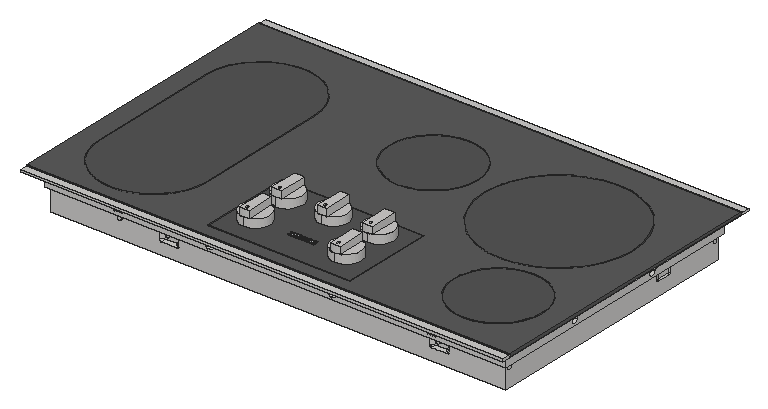
Revit family "P200921MX-009c_MEC8836HS", category Specialty Equipment, Revit 2026
Family settings
  Round Connector Dimension = Use Diameter
  Part Type = Normal
  Work Plane-Based = No
  Enable Cutting in Views = No
  Always vertical = Yes
  Cut with Voids When Loaded = No
  Maintain Annotation Orientation = No
  Shared = No
  Room Calculation Point = No
Parameters (values of type "MEC8836HS")
  Width = 36 1/16"
  Voltage = 0 V
  URL = ""
  Model = "MEC8836HS"
  Manufacturer = "Maytag"
  Knob Material = ARCAT - Metal - Steel - Stainless
  Installation-Fabrication = "https://www.whirlpool.com/content/dam/global/documents/201909/installation-instructions-w11206696-revd.pdf\r\nhttps://www.whirlpool.com/content/dam/global/documents/201909/installation-instructions-w11206696-revd.pdf"
  Height = 5 1/4"
  Feature 3 = "12/9-inch Dual-Choice™ Element\r\nÉlément Dual-Choice™ de 12/9 po"
  Feature 2 = "Reversible Grill and Griddle\r\nGril et plaque chauffante réversibles"
  Feature 1 = "Maytag® Exclusive Electric Cooktop with Reversible Grill and Griddle\r\nTable de cuisson électrique Maytag® exclusive avec gril et plaque chauffante réversible"
  Family Name = "Cooking"
  Energy Guide = ""
  Drawn By = ""
  Dimension Guide = ""
  Description = "36-Inch Electric Cooktop with Reversible Grill and Griddle\r\nTable de cuisson électrique avec grille et plaque chauffante réversibles, 36 po"
  Depth = 22 7/8"
  Default Elevation = 0"
  Copyright = ""
  Cooktop Material = ARCAT - Glass - Tempered - Black
  Cooking Grate Material = ARCAT - Metal - Cast Iron 1/4" Plate
  Body Material = ARCAT - Metal - Steel - Stainless
  Amps = 0 A
  Accent Material = ARCAT - Metal - Cast Iron 1/4" Plate
Reference planes (in)
  plane 1 "Center (Front/Back)": y = 0
  plane 2: z = 0
  plane 3 "Center (Left/Right)": x = 0
  plane 4: z = 5.25
  plane 5: y = -22.875
  plane 6: x = 18.03125
  plane 7: x = -18.03125
Forms (in)
  Extrusion 1, solid, material "ARCAT - Metal - Cast Iron 1/4" Plate" <- "Cooking Grate Material"
    sketch origin (-7, -180.90395, 3.69672) x (-1, 0, 0) y (0, -1, 0)
      loop
        line (11.03125, -180.27895) -> (11.03125, -158.65395) -> (-25.03125, -158.65395) -> (-25.03125, -180.27895) -> (11.03125, -180.27895)
      loop
        line (-12.29483, -159.60928) -> (-12.29483, -166.52087) -> (-1.70517, -166.52087) -> (-1.70517, -159.60928) -> (-12.29483, -159.60928)
      loop
        circle (-17.39741, -172.75602) r 5.55
      loop
        circle (-20.15905, -163.63712) r 3.3
      loop
        circle (-7.32386, -173.63102) r 3.3
      loop
        arc (1.58044, -173.63102) -> (5.58044, -177.63102) -> (9.58044, -173.63102) r 4
        line (9.58044, -173.63102) -> (9.58044, -163.62685)
        arc (9.58044, -163.62685) -> (5.58044, -159.62685) -> (1.58044, -163.62685) r 4
        line (1.58044, -163.62685) -> (1.58044, -173.63102)
    from 0.08673 to 0.25
  Extrusion 2, solid, material "ARCAT - Glass - Tempered - Black" <- "Cooktop Material"
    sketch origin (-1.75, -180.90395, 3.69672) x (-1, 0, 0) y (0, -1, 0)
      loop
        line (3.54483, -166.52087) -> (3.54483, -159.60928) -> (-7.04483, -159.60928) -> (-7.04483, -166.52087) -> (3.54483, -166.52087)
    from 0.08673 to 0.25
  Extrusion 3, solid, material "ARCAT - Metal - Steel - Stainless" <- "Body Material"
    sketch origin (-7, -180.90395, 2.49788) x (-1, 0, 0) y (0, -1, 0)
      loop
        line (10.21875, -179.6227) -> (10.21875, -159.3102) -> (-24.21875, -159.3102) -> (-24.21875, -179.6227) -> (10.21875, -179.6227)
    from -0.02779 to 1.22307
  Extrusion 4, solid, material "ARCAT - Metal - Steel - Stainless" <- "Body Material"
    sketch origin (-7, -180.90395, 1.27913) x (-1, 0, 0) y (0, -1, 0)
      loop
        line (-23.96875, -179.3727) -> (9.96875, -179.3727) -> (9.96875, -159.5602) -> (-23.96875, -159.5602) -> (-23.96875, -179.3727)
    from -0.50289 to 1.19096
  Extrusion 5, solid, material "ARCAT - Metal - Steel - Stainless" <- "Body Material"
    sketch origin (16.96875, -2.0602, 1.27913) x (0, -1, 0) y (0, 0, -1)
      loop
        circle (18.96728, -0.88996) r 0.125
    from 0 to 0.03125
  Blend 6, void
    base sketch origin (-18.78906, -24.77012, 47.15413) x (0, -1, 0) y (0, 0, -1)
      loop
        line (-16.91725, 44.68404) -> (-16.91725, 45.12779)
        arc (-16.91725, 45.12779) -> (-16.9319, 45.16314) -> (-16.96725, 45.17779) r 0.05
        line (-16.96725, 45.17779) -> (-18.35163, 45.17779)
        arc (-18.35163, 45.17779) -> (-18.38698, 45.16314) -> (-18.40163, 45.12779) r 0.05
        line (-18.40163, 45.12779) -> (-18.40163, 44.68404) -> (-16.91725, 44.68404)
    top sketch origin (-18.78906, -24.77012, 47.15413) x (0, -1, 0) y (0, 0, -1)
      loop
        line (-16.69069, 44.68404) -> (-16.69069, 45.22154)
        arc (-16.69069, 45.22154) -> (-16.73508, 45.32871) -> (-16.84225, 45.3731) r 0.15156
        line (-16.84225, 45.3731) -> (-18.49225, 45.3731)
        arc (-18.49225, 45.3731) -> (-18.59942, 45.32871) -> (-18.64382, 45.22154) r 0.15156
        line (-18.64382, 45.22154) -> (-18.64382, 44.68404) -> (-16.69069, 44.68404)
    from 1.91549 to 1.78125
  Extrusion 7, solid, material "ARCAT - Metal - Steel - Stainless" <- "Body Material"
    sketch origin (16.96875, -20.8727, 1.27913) x (0, 1, 0) y (0, 0, 1)
      loop
        circle (19.02518, 0.88996) r 0.125
    from 0 to 0.03125
  Blend 8, void
    base sketch origin (18.78906, -23.95762, 47.15413) x (0, -1, 0) y (0, 0, 1)
      loop
        line (-16.91725, -44.68404) -> (-17.90163, -44.68404) -> (-17.90163, -45.22779)
        arc (-17.90163, -45.22779) -> (-17.88698, -45.26314) -> (-17.85163, -45.27779) r 0.05
        line (-17.85163, -45.27779) -> (-16.96725, -45.27779)
        arc (-16.96725, -45.27779) -> (-16.9319, -45.26314) -> (-16.91725, -45.22779) r 0.05
        line (-16.91725, -45.22779) -> (-16.91725, -44.68404)
    top sketch origin (18.78906, -23.95762, 47.15413) x (0, -1, 0) y (0, 0, 1)
      loop
        line (-16.69069, -44.68404) -> (-18.14382, -44.68404) -> (-18.14382, -45.32154)
        arc (-18.14382, -45.32154) -> (-18.09942, -45.42871) -> (-17.99225, -45.4731) r 0.15156
        line (-17.99225, -45.4731) -> (-16.84225, -45.4731)
        arc (-16.84225, -45.4731) -> (-16.73508, -45.42871) -> (-16.69069, -45.32154) r 0.15156
        line (-16.69069, -45.32154) -> (-16.69069, -44.68404)
    from 1.91549 to 1.78125
  Extrusion 9, solid, material "ARCAT - Glass - Tempered - Black" <- "Cooktop Material"
    sketch origin (-7, -180.90395, 3.69672) x (-1, 0, 0) y (0, -1, 0)
      loop
        line (-12.29483, -159.60928) -> (-12.29483, -166.52087) -> (-1.70517, -166.52087) -> (-1.70517, -159.60928) -> (-12.29483, -159.60928)
      loop
        circle (-17.39741, -172.75602) r 5.55
      loop
        circle (-20.15905, -163.63712) r 3.3
      loop
        circle (-7.32386, -173.63102) r 3.3
      loop
        arc (9.58044, -163.62685) -> (5.58044, -159.62685) -> (1.58044, -163.62685) r 4
        line (1.58044, -163.62685) -> (1.58044, -173.63102)
        arc (1.58044, -173.63102) -> (5.58044, -177.63102) -> (9.58044, -173.63102) r 4
        line (9.58044, -173.63102) -> (9.58044, -163.62685)
    from 0.08673 to 0.25
  Extrusion 10, solid, material "ARCAT - Metal - Steel - Stainless" <- "Body Material"
    sketch origin (-18.15625, -22.3893, 47.50922) x (0, -1, 0) y (0, 0, -1)
      loop
        line (-0.1393, 43.5625) -> (-0.10805, 43.5625) -> (-0.10805, 43.625) -> (0.4857, 43.64573) -> (0.4857, 43.78827) -> (-22.3893, 43.78827) -> (-22.3893, 43.64573) -> (-21.79555, 43.625) -> (-21.79555, 43.5625) -> (-21.7643, 43.5625) -> (-21.7643, 43.72577) -> (-0.1393, 43.72577) -> (-0.1393, 43.5625)
    from 0.125 to 36.1875
  Extrusion 11, solid, material "ARCAT - Metal - Steel - Stainless" <- "Body Material"
    sketch origin (-7, -180.90395, 3.94672) x (-1, 0, 0) y (0, -1, 0)
      loop
        line (4.93752, -177.58468) -> (7.43752, -175.08468) -> (7.43752, -163.83468) -> (4.93752, -161.33468) -> (-18.93752, -161.33468) -> (-21.31248, -163.70964) -> (-21.31248, -174.81463)
        arc (-21.31248, -174.81463) -> (-21.26384, -174.93205) -> (-21.14643, -174.98068) r 0.16605
        line (-21.14643, -174.98068) -> (-17.79499, -174.98068) -> (-17.79499, -177.42019)
        arc (-17.79499, -177.42019) -> (-17.74681, -177.5365) -> (-17.6305, -177.58468) r 0.16449
        line (-17.6305, -177.58468) -> (-10.18752, -177.58468)
        arc (-10.18752, -177.58468) -> (-9.83397, -177.43823) -> (-9.68752, -177.08468) r 0.5
        line (-9.68752, -177.08468) -> (-9.68752, -174.98068) -> (-4.31248, -174.98068) -> (-4.31248, -176.83468)
        arc (-4.31248, -176.83468) -> (-4.09281, -177.36501) -> (-3.56248, -177.58468) r 0.75
        line (-3.56248, -177.58468) -> (4.93752, -177.58468)
      loop
        line (4.51185, -177.11558) -> (4.51185, -176.70987) -> (3.26185, -176.70987) -> (3.26185, -177.11558) -> (4.51185, -177.11558)
      loop
        line (2.69935, -177.11558) -> (2.69935, -176.70987) -> (1.44935, -176.70987) -> (1.44935, -177.11558) -> (2.69935, -177.11558)
      loop
        line (0.88685, -177.11558) -> (0.88685, -176.70987) -> (-0.36315, -176.70987) -> (-0.36315, -177.11558) -> (0.88685, -177.11558)
      loop
        line (-0.80065, -177.11558) -> (-0.80065, -176.70987) -> (-2.05065, -176.70987) -> (-2.05065, -177.11558) -> (-0.80065, -177.11558)
      loop
        line (-2.61315, -177.11558) -> (-2.61315, -176.70987) -> (-3.86315, -176.70987) -> (-3.86315, -177.11558) -> (-2.61315, -177.11558)
      loop
        line (3.80307, -176.31772) -> (3.80307, -175.912) -> (2.55307, -175.912) -> (2.55307, -176.31772) -> (3.80307, -176.31772)
      loop
        line (1.99057, -176.31772) -> (1.99057, -175.912) -> (0.74057, -175.912) -> (0.74057, -176.31772) -> (1.99057, -176.31772)
      loop
        line (0.30307, -176.31772) -> (0.30307, -175.912) -> (-0.94693, -175.912) -> (-0.94693, -176.31772) -> (0.30307, -176.31772)
      loop
        line (-1.50943, -176.31772) -> (-1.50943, -175.912) -> (-2.75943, -175.912) -> (-2.75943, -176.31772) -> (-1.50943, -176.31772)
      loop
        line (3.01946, -175.49251) -> (3.01946, -175.08679) -> (1.76946, -175.08679) -> (1.76946, -175.49251) -> (3.01946, -175.49251)
      loop
        line (1.20696, -175.49251) -> (1.20696, -175.08679) -> (-0.04304, -175.08679) -> (-0.04304, -175.49251) -> (1.20696, -175.49251)
      loop
        line (-0.48054, -175.49251) -> (-0.48054, -175.08679) -> (-1.73054, -175.08679) -> (-1.73054, -175.49251) -> (-0.48054, -175.49251)
      loop
        line (-2.29304, -175.49251) -> (-2.29304, -175.08679) -> (-3.54304, -175.08679) -> (-3.54304, -175.49251) -> (-2.29304, -175.49251)
      loop
        line (3.80307, -174.72536) -> (3.80307, -174.31964) -> (2.55307, -174.31964) -> (2.55307, -174.72536) -> (3.80307, -174.72536)
      loop
        line (1.99057, -174.72536) -> (1.99057, -174.31964) -> (0.74057, -174.31964) -> (0.74057, -174.72536) -> (1.99057, -174.72536)
      loop
        line (0.30307, -174.72536) -> (0.30307, -174.31964) -> (-0.94693, -174.31964) -> (-0.94693, -174.72536) -> (0.30307, -174.72536)
      loop
        line (-1.50943, -174.72536) -> (-1.50943, -174.31964) -> (-2.75943, -174.31964) -> (-2.75943, -174.72536) -> (-1.50943, -174.72536)
      loop
        line (6.67011, -173.21784) -> (6.67011, -172.81212) -> (5.42011, -172.81212) -> (5.42011, -173.21784) -> (6.67011, -173.21784)
      loop
        line (5.63685, -172.43458) -> (5.63685, -172.02886) -> (4.38685, -172.02886) -> (4.38685, -172.43458) -> (5.63685, -172.43458)
      loop
        line (6.67011, -171.65534) -> (6.67011, -171.24962) -> (5.42011, -171.24962) -> (5.42011, -171.65534) -> (6.67011, -171.65534)
      loop
        line (5.63685, -170.87208) -> (5.63685, -170.46636) -> (4.38685, -170.46636) -> (4.38685, -170.87208) -> (5.63685, -170.87208)
      loop
        line (6.67011, -170.09284) -> (6.67011, -169.68712) -> (5.42011, -169.68712) -> (5.42011, -170.09284) -> (6.67011, -170.09284)
      loop
        line (5.63685, -169.15514) -> (5.63685, -168.74942) -> (4.38685, -168.74942) -> (4.38685, -169.15514) -> (5.63685, -169.15514)
      loop
        line (6.67011, -168.3759) -> (6.67011, -167.97018) -> (5.42011, -167.97018) -> (5.42011, -168.3759) -> (6.67011, -168.3759)
      loop
        line (5.63685, -167.59264) -> (5.63685, -167.18692) -> (4.38685, -167.18692) -> (4.38685, -167.59264) -> (5.63685, -167.59264)
      loop
        line (6.67011, -166.8134) -> (6.67011, -166.40768) -> (5.42011, -166.40768) -> (5.42011, -166.8134) -> (6.67011, -166.8134)
      loop
        line (-10.02528, -177.11558) -> (-10.02528, -176.70987) -> (-11.27528, -176.70987) -> (-11.27528, -177.11558) -> (-10.02528, -177.11558)
      loop
        line (-11.65028, -177.11558) -> (-11.65028, -176.70987) -> (-12.90028, -176.70987) -> (-12.90028, -177.11558) -> (-11.65028, -177.11558)
      loop
        line (-13.21278, -177.11558) -> (-13.21278, -176.70987) -> (-14.46278, -176.70987) -> (-14.46278, -177.11558) -> (-13.21278, -177.11558)
      loop
        line (-14.77528, -177.11558) -> (-14.77528, -176.70987) -> (-16.02528, -176.70987) -> (-16.02528, -177.11558) -> (-14.77528, -177.11558)
      loop
        line (-16.33778, -177.11558) -> (-16.33778, -176.70987) -> (-17.58778, -176.70987) -> (-17.58778, -177.11558) -> (-16.33778, -177.11558)
      loop
        line (-10.96058, -176.36558) -> (-10.96058, -175.95987) -> (-12.21058, -175.95987) -> (-12.21058, -176.36558) -> (-10.96058, -176.36558)
      loop
        line (-12.58558, -176.36558) -> (-12.58558, -175.95987) -> (-13.83558, -175.95987) -> (-13.83558, -176.36558) -> (-12.58558, -176.36558)
      loop
        line (-14.14808, -176.36558) -> (-14.14808, -175.95987) -> (-15.39808, -175.95987) -> (-15.39808, -176.36558) -> (-14.14808, -176.36558)
      loop
        line (-15.71058, -176.36558) -> (-15.71058, -175.95987) -> (-16.96058, -175.95987) -> (-16.96058, -176.36558) -> (-15.71058, -176.36558)
      loop
        line (-10.02528, -175.61558) -> (-10.02528, -175.20987) -> (-11.27528, -175.20987) -> (-11.27528, -175.61558) -> (-10.02528, -175.61558)
      loop
        line (-11.65028, -175.61558) -> (-11.65028, -175.20987) -> (-12.90028, -175.20987) -> (-12.90028, -175.61558) -> (-11.65028, -175.61558)
      loop
        line (-13.21278, -175.61558) -> (-13.21278, -175.20987) -> (-14.46278, -175.20987) -> (-14.46278, -175.61558) -> (-13.21278, -175.61558)
      loop
        line (-14.77528, -175.61558) -> (-14.77528, -175.20987) -> (-16.02528, -175.20987) -> (-16.02528, -175.61558) -> (-14.77528, -175.61558)
      loop
        line (-16.33778, -175.61558) -> (-16.33778, -175.20987) -> (-17.58778, -175.20987) -> (-17.58778, -175.61558) -> (-16.33778, -175.61558)
      loop
        line (-10.96058, -174.86558) -> (-10.96058, -174.45987) -> (-12.21058, -174.45987) -> (-12.21058, -174.86558) -> (-10.96058, -174.86558)
      loop
        line (-12.58558, -174.86558) -> (-12.58558, -174.45987) -> (-13.83558, -174.45987) -> (-13.83558, -174.86558) -> (-12.58558, -174.86558)
      loop
        line (-14.14808, -174.86558) -> (-14.14808, -174.45987) -> (-15.39808, -174.45987) -> (-15.39808, -174.86558) -> (-14.14808, -174.86558)
      loop
        line (-15.71058, -174.86558) -> (-15.71058, -174.45987) -> (-16.96058, -174.45987) -> (-16.96058, -174.86558) -> (-15.71058, -174.86558)
      loop
        line (-10.02528, -174.11558) -> (-10.02528, -173.70987) -> (-11.27528, -173.70987) -> (-11.27528, -174.11558) -> (-10.02528, -174.11558)
      loop
        line (-11.65028, -174.11558) -> (-11.65028, -173.70987) -> (-12.90028, -173.70987) -> (-12.90028, -174.11558) -> (-11.65028, -174.11558)
      loop
        line (-13.21278, -174.11558) -> (-13.21278, -173.70987) -> (-14.46278, -173.70987) -> (-14.46278, -174.11558) -> (-13.21278, -174.11558)
      loop
        line (-14.77528, -174.11558) -> (-14.77528, -173.70987) -> (-16.02528, -173.70987) -> (-16.02528, -174.11558) -> (-14.77528, -174.11558)
      loop
        line (-16.33778, -174.11558) -> (-16.33778, -173.70987) -> (-17.58778, -173.70987) -> (-17.58778, -174.11558) -> (-16.33778, -174.11558)
      loop
        line (-8.40028, -174.11558) -> (-8.40028, -173.70987) -> (-9.65028, -173.70987) -> (-9.65028, -174.11558) -> (-8.40028, -174.11558)
      loop
        line (-6.77528, -174.11558) -> (-6.77528, -173.70987) -> (-8.02528, -173.70987) -> (-8.02528, -174.11558) -> (-6.77528, -174.11558)
      loop
        line (-5.15028, -174.11558) -> (-5.15028, -173.70987) -> (-6.40028, -173.70987) -> (-6.40028, -174.11558) -> (-5.15028, -174.11558)
      loop
        line (-17.90028, -174.11558) -> (-17.90028, -173.70987) -> (-19.15028, -173.70987) -> (-19.15028, -174.11558) -> (-17.90028, -174.11558)
      loop
        line (-9.15028, -173.36558) -> (-9.15028, -172.95987) -> (-10.40028, -172.95987) -> (-10.40028, -173.36558) -> (-9.15028, -173.36558)
      loop
        line (-10.77528, -173.36558) -> (-10.77528, -172.95987) -> (-12.02528, -172.95987) -> (-12.02528, -173.36558) -> (-10.77528, -173.36558)
      loop
        line (-12.33778, -173.36558) -> (-12.33778, -172.95987) -> (-13.58778, -172.95987) -> (-13.58778, -173.36558) -> (-12.33778, -173.36558)
      loop
        line (-13.90028, -173.36558) -> (-13.90028, -172.95987) -> (-15.15028, -172.95987) -> (-15.15028, -173.36558) -> (-13.90028, -173.36558)
      loop
        line (-15.46278, -173.36558) -> (-15.46278, -172.95987) -> (-16.71278, -172.95987) -> (-16.71278, -173.36558) -> (-15.46278, -173.36558)
      loop
        line (-7.52528, -173.36558) -> (-7.52528, -172.95987) -> (-8.77528, -172.95987) -> (-8.77528, -173.36558) -> (-7.52528, -173.36558)
      loop
        line (-5.90028, -173.36558) -> (-5.90028, -172.95987) -> (-7.15028, -172.95987) -> (-7.15028, -173.36558) -> (-5.90028, -173.36558)
      loop
        line (-4.27528, -173.36558) -> (-4.27528, -172.95987) -> (-5.52528, -172.95987) -> (-5.52528, -173.36558) -> (-4.27528, -173.36558)
      loop
        line (-17.02528, -173.36558) -> (-17.02528, -172.95987) -> (-18.27528, -172.95987) -> (-18.27528, -173.36558) -> (-17.02528, -173.36558)
      loop
        line (-18.58778, -173.36558) -> (-18.58778, -172.95987) -> (-19.83778, -172.95987) -> (-19.83778, -173.36558) -> (-18.58778, -173.36558)
      loop
        line (-10.02528, -172.61558) -> (-10.02528, -172.20987) -> (-11.27528, -172.20987) -> (-11.27528, -172.61558) -> (-10.02528, -172.61558)
      loop
        line (-11.65028, -172.61558) -> (-11.65028, -172.20987) -> (-12.90028, -172.20987) -> (-12.90028, -172.61558) -> (-11.65028, -172.61558)
      loop
        line (-13.21278, -172.61558) -> (-13.21278, -172.20987) -> (-14.46278, -172.20987) -> (-14.46278, -172.61558) -> (-13.21278, -172.61558)
      loop
        line (-14.77528, -172.61558) -> (-14.77528, -172.20987) -> (-16.02528, -172.20987) -> (-16.02528, -172.61558) -> (-14.77528, -172.61558)
      loop
        line (-16.33778, -172.61558) -> (-16.33778, -172.20987) -> (-17.58778, -172.20987) -> (-17.58778, -172.61558) -> (-16.33778, -172.61558)
      loop
        line (-8.40028, -172.61558) -> (-8.40028, -172.20987) -> (-9.65028, -172.20987) -> (-9.65028, -172.61558) -> (-8.40028, -172.61558)
      loop
        line (-6.77528, -172.61558) -> (-6.77528, -172.20987) -> (-8.02528, -172.20987) -> (-8.02528, -172.61558) -> (-6.77528, -172.61558)
      loop
        line (-5.15028, -172.61558) -> (-5.15028, -172.20987) -> (-6.40028, -172.20987) -> (-6.40028, -172.61558) -> (-5.15028, -172.61558)
      loop
        line (-17.90028, -172.61558) -> (-17.90028, -172.20987) -> (-19.15028, -172.20987) -> (-19.15028, -172.61558) -> (-17.90028, -172.61558)
      loop
        line (-19.46278, -172.61558) -> (-19.46278, -172.20987) -> (-20.71278, -172.20987) -> (-20.71278, -172.61558) -> (-19.46278, -172.61558)
      loop
        line (-10.02528, -171.86558) -> (-10.02528, -171.45987) -> (-11.27528, -171.45987) -> (-11.27528, -171.86558) -> (-10.02528, -171.86558)
      loop
        line (-11.65028, -171.86558) -> (-11.65028, -171.45987) -> (-12.90028, -171.45987) -> (-12.90028, -171.86558) -> (-11.65028, -171.86558)
      loop
        line (-13.21278, -171.86558) -> (-13.21278, -171.45987) -> (-14.46278, -171.45987) -> (-14.46278, -171.86558) -> (-13.21278, -171.86558)
      loop
        line (-14.77528, -171.86558) -> (-14.77528, -171.45987) -> (-16.02528, -171.45987) -> (-16.02528, -171.86558) -> (-14.77528, -171.86558)
      loop
        line (-16.33778, -171.86558) -> (-16.33778, -171.45987) -> (-17.58778, -171.45987) -> (-17.58778, -171.86558) -> (-16.33778, -171.86558)
      loop
        line (-8.40028, -171.86558) -> (-8.40028, -171.45987) -> (-9.65028, -171.45987) -> (-9.65028, -171.86558) -> (-8.40028, -171.86558)
      loop
        line (-6.77528, -171.86558) -> (-6.77528, -171.45987) -> (-8.02528, -171.45987) -> (-8.02528, -171.86558) -> (-6.77528, -171.86558)
      loop
        line (-5.15028, -171.86558) -> (-5.15028, -171.45987) -> (-6.40028, -171.45987) -> (-6.40028, -171.86558) -> (-5.15028, -171.86558)
      loop
        line (-17.90028, -171.86558) -> (-17.90028, -171.45987) -> (-19.15028, -171.45987) -> (-19.15028, -171.86558) -> (-17.90028, -171.86558)
      loop
        line (-9.15028, -171.11558) -> (-9.15028, -170.70987) -> (-10.40028, -170.70987) -> (-10.40028, -171.11558) -> (-9.15028, -171.11558)
      loop
        line (-10.77528, -171.11558) -> (-10.77528, -170.70987) -> (-12.02528, -170.70987) -> (-12.02528, -171.11558) -> (-10.77528, -171.11558)
      loop
        line (-12.33778, -171.11558) -> (-12.33778, -170.70987) -> (-13.58778, -170.70987) -> (-13.58778, -171.11558) -> (-12.33778, -171.11558)
      loop
        line (-13.90028, -171.11558) -> (-13.90028, -170.70987) -> (-15.15028, -170.70987) -> (-15.15028, -171.11558) -> (-13.90028, -171.11558)
      loop
        line (-7.52528, -171.11558) -> (-7.52528, -170.70987) -> (-8.77528, -170.70987) -> (-8.77528, -171.11558) -> (-7.52528, -171.11558)
      loop
        line (-5.90028, -171.11558) -> (-5.90028, -170.70987) -> (-7.15028, -170.70987) -> (-7.15028, -171.11558) -> (-5.90028, -171.11558)
      loop
        line (-4.27528, -171.11558) -> (-4.27528, -170.70987) -> (-5.52528, -170.70987) -> (-5.52528, -171.11558) -> (-4.27528, -171.11558)
      loop
        line (-10.02528, -170.36558) -> (-10.02528, -169.95987) -> (-11.27528, -169.95987) -> (-11.27528, -170.36558) -> (-10.02528, -170.36558)
      loop
        line (-11.65028, -170.36558) -> (-11.65028, -169.95987) -> (-12.90028, -169.95987) -> (-12.90028, -170.36558) -> (-11.65028, -170.36558)
      loop
        line (-13.21278, -170.36558) -> (-13.21278, -169.95987) -> (-14.46278, -169.95987) -> (-14.46278, -170.36558) -> (-13.21278, -170.36558)
      loop
        line (-8.40028, -170.36558) -> (-8.40028, -169.95987) -> (-9.65028, -169.95987) -> (-9.65028, -170.36558) -> (-8.40028, -170.36558)
      loop
        line (-6.77528, -170.36558) -> (-6.77528, -169.95987) -> (-8.02528, -169.95987) -> (-8.02528, -170.36558) -> (-6.77528, -170.36558)
      loop
        line (-5.15028, -170.36558) -> (-5.15028, -169.95987) -> (-6.40028, -169.95987) -> (-6.40028, -170.36558) -> (-5.15028, -170.36558)
      loop
        line (-10.02528, -169.61558) -> (-10.02528, -169.20987) -> (-11.27528, -169.20987) -> (-11.27528, -169.61558) -> (-10.02528, -169.61558)
      loop
        line (-11.65028, -169.61558) -> (-11.65028, -169.20987) -> (-12.90028, -169.20987) -> (-12.90028, -169.61558) -> (-11.65028, -169.61558)
      loop
        line (-8.40028, -169.61558) -> (-8.40028, -169.20987) -> (-9.65028, -169.20987) -> (-9.65028, -169.61558) -> (-8.40028, -169.61558)
      loop
        line (-5.15028, -169.61558) -> (-5.15028, -169.20987) -> (-6.40028, -169.20987) -> (-6.40028, -169.61558) -> (-5.15028, -169.61558)
      loop
        line (-9.15028, -168.86558) -> (-9.15028, -168.45987) -> (-10.40028, -168.45987) -> (-10.40028, -168.86558) -> (-9.15028, -168.86558)
      loop
        line (-10.77528, -168.86558) -> (-10.77528, -168.45987) -> (-12.02528, -168.45987) -> (-12.02528, -168.86558) -> (-10.77528, -168.86558)
      loop
        line (-12.33778, -168.86558) -> (-12.33778, -168.45987) -> (-13.58778, -168.45987) -> (-13.58778, -168.86558) -> (-12.33778, -168.86558)
      loop
        line (-5.90028, -168.86558) -> (-5.90028, -168.45987) -> (-7.15028, -168.45987) -> (-7.15028, -168.86558) -> (-5.90028, -168.86558)
      loop
        line (-4.27528, -168.86558) -> (-4.27528, -168.45987) -> (-5.52528, -168.45987) -> (-5.52528, -168.86558) -> (-4.27528, -168.86558)
      loop
        line (-10.02528, -168.11558) -> (-10.02528, -167.70987) -> (-11.27528, -167.70987) -> (-11.27528, -168.11558) -> (-10.02528, -168.11558)
      loop
        line (-11.65028, -168.11558) -> (-11.65028, -167.70987) -> (-12.90028, -167.70987) -> (-12.90028, -168.11558) -> (-11.65028, -168.11558)
      loop
        line (-8.40028, -168.11558) -> (-8.40028, -167.70987) -> (-9.65028, -167.70987) -> (-9.65028, -168.11558) -> (-8.40028, -168.11558)
      loop
        line (-6.77528, -168.11558) -> (-6.77528, -167.70987) -> (-8.02528, -167.70987) -> (-8.02528, -168.11558) -> (-6.77528, -168.11558)
      loop
        line (-5.15028, -168.11558) -> (-5.15028, -167.70987) -> (-6.40028, -167.70987) -> (-6.40028, -168.11558) -> (-5.15028, -168.11558)
      loop
        line (-10.02528, -167.36558) -> (-10.02528, -166.95987) -> (-11.27528, -166.95987) -> (-11.27528, -167.36558) -> (-10.02528, -167.36558)
      loop
        line (-11.65028, -167.36558) -> (-11.65028, -166.95987) -> (-12.90028, -166.95987) -> (-12.90028, -167.36558) -> (-11.65028, -167.36558)
      loop
        line (-13.21278, -167.36558) -> (-13.21278, -166.95987) -> (-14.46278, -166.95987) -> (-14.46278, -167.36558) -> (-13.21278, -167.36558)
      loop
        line (-8.40028, -167.36558) -> (-8.40028, -166.95987) -> (-9.65028, -166.95987) -> (-9.65028, -167.36558) -> (-8.40028, -167.36558)
      loop
        line (-6.77528, -167.36558) -> (-6.77528, -166.95987) -> (-8.02528, -166.95987) -> (-8.02528, -167.36558) -> (-6.77528, -167.36558)
      loop
        line (-5.15028, -167.36558) -> (-5.15028, -166.95987) -> (-6.40028, -166.95987) -> (-6.40028, -167.36558) -> (-5.15028, -167.36558)
      loop
        line (-9.15028, -166.61558) -> (-9.15028, -166.20987) -> (-10.40028, -166.20987) -> (-10.40028, -166.61558) -> (-9.15028, -166.61558)
      loop
        line (-10.77528, -166.61558) -> (-10.77528, -166.20987) -> (-12.02528, -166.20987) -> (-12.02528, -166.61558) -> (-10.77528, -166.61558)
      loop
        line (-12.33778, -166.61558) -> (-12.33778, -166.20987) -> (-13.58778, -166.20987) -> (-13.58778, -166.61558) -> (-12.33778, -166.61558)
      loop
        line (-7.52528, -166.61558) -> (-7.52528, -166.20987) -> (-8.77528, -166.20987) -> (-8.77528, -166.61558) -> (-7.52528, -166.61558)
      loop
        line (-5.90028, -166.61558) -> (-5.90028, -166.20987) -> (-7.15028, -166.20987) -> (-7.15028, -166.61558) -> (-5.90028, -166.61558)
      loop
        line (-4.27528, -166.61558) -> (-4.27528, -166.20987) -> (-5.52528, -166.20987) -> (-5.52528, -166.61558) -> (-4.27528, -166.61558)
      loop
        line (-10.02528, -165.86558) -> (-10.02528, -165.45987) -> (-11.27528, -165.45987) -> (-11.27528, -165.86558) -> (-10.02528, -165.86558)
      loop
        line (-11.65028, -165.86558) -> (-11.65028, -165.45987) -> (-12.90028, -165.45987) -> (-12.90028, -165.86558) -> (-11.65028, -165.86558)
      loop
        line (-13.21278, -165.86558) -> (-13.21278, -165.45987) -> (-14.46278, -165.45987) -> (-14.46278, -165.86558) -> (-13.21278, -165.86558)
      loop
        line (-8.40028, -165.86558) -> (-8.40028, -165.45987) -> (-9.65028, -165.45987) -> (-9.65028, -165.86558) -> (-8.40028, -165.86558)
      loop
        line (-6.77528, -165.86558) -> (-6.77528, -165.45987) -> (-8.02528, -165.45987) -> (-8.02528, -165.86558) -> (-6.77528, -165.86558)
      loop
        line (-5.15028, -165.86558) -> (-5.15028, -165.45987) -> (-6.40028, -165.45987) -> (-6.40028, -165.86558) -> (-5.15028, -165.86558)
      loop
        line (-9.15028, -165.11558) -> (-9.15028, -164.70987) -> (-10.40028, -164.70987) -> (-10.40028, -165.11558) -> (-9.15028, -165.11558)
      loop
        line (-10.77528, -165.11558) -> (-10.77528, -164.70987) -> (-12.02528, -164.70987) -> (-12.02528, -165.11558) -> (-10.77528, -165.11558)
      loop
        line (-12.33778, -165.11558) -> (-12.33778, -164.70987) -> (-13.58778, -164.70987) -> (-13.58778, -165.11558) -> (-12.33778, -165.11558)
      loop
        line (-7.52528, -165.11558) -> (-7.52528, -164.70987) -> (-8.77528, -164.70987) -> (-8.77528, -165.11558) -> (-7.52528, -165.11558)
      loop
        line (-5.90028, -165.11558) -> (-5.90028, -164.70987) -> (-7.15028, -164.70987) -> (-7.15028, -165.11558) -> (-5.90028, -165.11558)
      loop
        line (-4.27528, -165.11558) -> (-4.27528, -164.70987) -> (-5.52528, -164.70987) -> (-5.52528, -165.11558) -> (-4.27528, -165.11558)
      loop
        line (-10.02528, -164.36558) -> (-10.02528, -163.95987) -> (-11.27528, -163.95987) -> (-11.27528, -164.36558) -> (-10.02528, -164.36558)
      loop
        line (-11.65028, -164.36558) -> (-11.65028, -163.95987) -> (-12.90028, -163.95987) -> (-12.90028, -164.36558) -> (-11.65028, -164.36558)
      loop
        line (-13.21278, -164.36558) -> (-13.21278, -163.95987) -> (-14.46278, -163.95987) -> (-14.46278, -164.36558) -> (-13.21278, -164.36558)
      loop
        line (-14.77528, -164.36558) -> (-14.77528, -163.95987) -> (-16.02528, -163.95987) -> (-16.02528, -164.36558) -> (-14.77528, -164.36558)
      loop
        line (-8.40028, -164.36558) -> (-8.40028, -163.95987) -> (-9.65028, -163.95987) -> (-9.65028, -164.36558) -> (-8.40028, -164.36558)
      loop
        line (-6.77528, -164.36558) -> (-6.77528, -163.95987) -> (-8.02528, -163.95987) -> (-8.02528, -164.36558) -> (-6.77528, -164.36558)
      loop
        line (-5.15028, -164.36558) -> (-5.15028, -163.95987) -> (-6.40028, -163.95987) -> (-6.40028, -164.36558) -> (-5.15028, -164.36558)
      loop
        line (-10.02528, -163.61558) -> (-10.02528, -163.20987) -> (-11.27528, -163.20987) -> (-11.27528, -163.61558) -> (-10.02528, -163.61558)
      loop
        line (-11.65028, -163.61558) -> (-11.65028, -163.20987) -> (-12.90028, -163.20987) -> (-12.90028, -163.61558) -> (-11.65028, -163.61558)
      loop
        line (-13.21278, -163.61558) -> (-13.21278, -163.20987) -> (-14.46278, -163.20987) -> (-14.46278, -163.61558) -> (-13.21278, -163.61558)
      loop
        line (-14.77528, -163.61558) -> (-14.77528, -163.20987) -> (-16.02528, -163.20987) -> (-16.02528, -163.61558) -> (-14.77528, -163.61558)
      loop
        line (-16.33778, -163.61558) -> (-16.33778, -163.20987) -> (-17.58778, -163.20987) -> (-17.58778, -163.61558) -> (-16.33778, -163.61558)
      loop
        line (-8.40028, -163.61558) -> (-8.40028, -163.20987) -> (-9.65028, -163.20987) -> (-9.65028, -163.61558) -> (-8.40028, -163.61558)
      loop
        line (-6.77528, -163.61558) -> (-6.77528, -163.20987) -> (-8.02528, -163.20987) -> (-8.02528, -163.61558) -> (-6.77528, -163.61558)
      loop
        line (-5.15028, -163.61558) -> (-5.15028, -163.20987) -> (-6.40028, -163.20987) -> (-6.40028, -163.61558) -> (-5.15028, -163.61558)
      loop
        line (-9.15028, -162.86558) -> (-9.15028, -162.45987) -> (-10.40028, -162.45987) -> (-10.40028, -162.86558) -> (-9.15028, -162.86558)
      loop
        line (-10.77528, -162.86558) -> (-10.77528, -162.45987) -> (-12.02528, -162.45987) -> (-12.02528, -162.86558) -> (-10.77528, -162.86558)
      loop
        line (-12.33778, -162.86558) -> (-12.33778, -162.45987) -> (-13.58778, -162.45987) -> (-13.58778, -162.86558) -> (-12.33778, -162.86558)
      loop
        line (-13.90028, -162.86558) -> (-13.90028, -162.45987) -> (-15.15028, -162.45987) -> (-15.15028, -162.86558) -> (-13.90028, -162.86558)
      loop
        line (-15.46278, -162.86558) -> (-15.46278, -162.45987) -> (-16.71278, -162.45987) -> (-16.71278, -162.86558) -> (-15.46278, -162.86558)
      loop
        line (-7.52528, -162.86558) -> (-7.52528, -162.45987) -> (-8.77528, -162.45987) -> (-8.77528, -162.86558) -> (-7.52528, -162.86558)
      loop
        line (-5.90028, -162.86558) -> (-5.90028, -162.45987) -> (-7.15028, -162.45987) -> (-7.15028, -162.86558) -> (-5.90028, -162.86558)
      loop
        line (-17.02528, -162.86558) -> (-17.02528, -162.45987) -> (-18.27528, -162.45987) -> (-18.27528, -162.86558) -> (-17.02528, -162.86558)
      loop
        line (0.47472, -162.86558) -> (0.47472, -162.45987) -> (-0.77528, -162.45987) -> (-0.77528, -162.86558) -> (0.47472, -162.86558)
      loop
        line (-1.15028, -162.86558) -> (-1.15028, -162.45987) -> (-2.40028, -162.45987) -> (-2.40028, -162.86558) -> (-1.15028, -162.86558)
      loop
        line (-2.71278, -162.86558) -> (-2.71278, -162.45987) -> (-3.96278, -162.45987) -> (-3.96278, -162.86558) -> (-2.71278, -162.86558)
      loop
        line (2.09972, -162.86558) -> (2.09972, -162.45987) -> (0.84972, -162.45987) -> (0.84972, -162.86558) -> (2.09972, -162.86558)
      loop
        line (-4.27528, -162.86558) -> (-4.27528, -162.45987) -> (-5.52528, -162.45987) -> (-5.52528, -162.86558) -> (-4.27528, -162.86558)
      loop
        line (-0.40028, -163.61558) -> (-0.40028, -163.20987) -> (-1.65028, -163.20987) -> (-1.65028, -163.61558) -> (-0.40028, -163.61558)
      loop
        line (-2.02528, -163.61558) -> (-2.02528, -163.20987) -> (-3.27528, -163.20987) -> (-3.27528, -163.61558) -> (-2.02528, -163.61558)
      loop
        line (-3.58778, -163.61558) -> (-3.58778, -163.20987) -> (-4.83778, -163.20987) -> (-4.83778, -163.61558) -> (-3.58778, -163.61558)
      loop
        line (1.22472, -163.61558) -> (1.22472, -163.20987) -> (-0.02528, -163.20987) -> (-0.02528, -163.61558) -> (1.22472, -163.61558)
    from -3.42332 to -3.35267
  Blend 12, void
    base sketch origin (-7, -180.90395, 3.94672) x (0, -1, 0) y (1, 0, 0)
      loop
        circle (-175.04818, -5.39402) r 0.25
    top sketch origin (-7, -180.90395, 3.94672) x (0, -1, 0) y (1, 0, 0)
      loop
        circle (-175.04818, -5.39402) r 0.5
    from -3.07539 to -3.60277
  Blend 13, void
    base sketch origin (7.49192, -181.86046, 3.94672) x (0, 1, 0) y (-1, 0, 0)
      loop
        circle (175.04818, -5.39402) r 0.25
    top sketch origin (7.49192, -181.86046, 3.94672) x (0, 1, 0) y (-1, 0, 0)
      loop
        circle (175.04818, -5.39402) r 0.5
    from -3.07539 to -3.60277
  Blend 14, void
    base sketch origin (-6.39814, -192.38819, 3.94672) x (0, -1, 0) y (1, 0, 0)
      loop
        circle (-175.04818, -5.39402) r 0.25
    top sketch origin (-6.39814, -192.38819, 3.94672) x (0, -1, 0) y (1, 0, 0)
      loop
        circle (-175.04818, -5.39402) r 0.5
    from -3.07539 to -3.60277
  Blend 15, void
    base sketch origin (7.49192, -191.86046, 3.94672) x (0, 1, 0) y (-1, 0, 0)
      loop
        circle (175.04818, -5.39402) r 0.25
    top sketch origin (7.49192, -191.86046, 3.94672) x (0, 1, 0) y (-1, 0, 0)
      loop
        circle (175.04818, -5.39402) r 0.5
    from -3.07539 to -3.60277
  Blend 16, void
    base sketch origin (6.04353, -186.58654, 3.94672) x (0, -1, 0) y (1, 0, 0)
      loop
        circle (-175.04818, -5.39402) r 0.25
    top sketch origin (6.04353, -186.58654, 3.94672) x (0, -1, 0) y (1, 0, 0)
      loop
        circle (-175.04818, -5.39402) r 0.5
    from -3.07539 to -3.60277
  Extrusion 17, solid, material "ARCAT - Metal - Steel - Stainless" <- "Body Material"
    sketch origin (-7, -180.90395, 3.94672) x (-1, 0, 0) y (0, -1, 0)
      loop
        circle (5.39643, -175.04698) r 0.24991
    from -3.24832 to -3.14391
  Extrusion 18, solid, material "ARCAT - Metal - Steel - Stainless" <- "Body Material"
    sketch origin (6.04353, -186.58654, 3.94672) x (-1, 0, 0) y (0, -1, 0)
      loop
        circle (5.39643, -175.04698) r 0.24991
    from -3.24832 to -3.14391
  Extrusion 19, solid, material "ARCAT - Metal - Steel - Stainless" <- "Body Material"
    sketch origin (18.27996, -191.86046, 3.94672) x (-1, 0, 0) y (0, -1, 0)
      loop
        circle (5.39643, -175.04698) r 0.24991
    from -3.24832 to -3.14391
  Extrusion 20, solid, material "ARCAT - Metal - Steel - Stainless" <- "Body Material"
    sketch origin (18.27996, -181.86046, 3.94672) x (-1, 0, 0) y (0, -1, 0)
      loop
        circle (5.39643, -175.04698) r 0.24991
    from -3.24832 to -3.14391
  Extrusion 21, solid, material "ARCAT - Metal - Steel - Stainless" <- "Body Material"
    sketch origin (-6.39814, -192.38819, 3.94672) x (-1, 0, 0) y (0, -1, 0)
      loop
        circle (5.39643, -175.04698) r 0.24991
    from -3.24832 to -3.14391
  Extrusion 22, solid, material "ARCAT - Metal - Steel - Stainless" <- "Body Material"
    sketch origin (-7, -180.90395, 2.47009) x (-1, 0, 0) y (0, -1, 0)
      loop
        line (-5.94665, -176.93712) -> (-7.27451, -177.67316)
        spline (-7.27451, -177.67316) -> (-7.39377, -177.72493) -> (-7.51707, -177.75123) -> (-7.636, -177.75027) -> (-7.74246, -177.72211) -> (-7.82919, -177.66868) -> (-7.89028, -177.59361) -> (-7.92157, -177.50202) -> (-7.92092, -177.40015) -> (-7.88839, -177.29495) -> (-7.82618, -177.19358) -> (-7.73854, -177.10296) -> (-7.63143, -177.02925)
        line (-7.63143, -177.02925) -> (-6.36553, -176.32755) -> (-6.46842, -176.17501)
        arc (-6.46842, -176.17501) -> (-6.55789, -176.15558) -> (-6.5812, -176.24412) r 0.0662
        line (-6.5812, -176.24412) -> (-6.5379, -176.32225) -> (-7.68053, -176.95562)
        spline (-7.68053, -176.95562) -> (-7.80817, -177.04425) -> (-7.91194, -177.15419) -> (-7.98478, -177.27795) -> (-8.02173, -177.4071) -> (-8.02026, -177.53283) -> (-7.98048, -177.64658) -> (-7.9051, -177.74059) -> (-7.79925, -177.80846) -> (-7.67015, -177.84557) -> (-7.52659, -177.84938) -> (-7.37837, -177.81963) -> (-7.23557, -177.75835)
        line (-7.23557, -177.75835) -> (-6.01608, -177.08238) -> (-5.9822, -177.13262)
        arc (-5.9822, -177.13262) -> (-5.88475, -177.15134) -> (-5.86645, -177.05381) r 0.07002
        line (-5.86645, -177.05381) -> (-5.94665, -176.93712)
    from -2.06824 to -1.69386
  Extrusion 23, solid, material "ARCAT - Metal - Steel - Stainless" <- "Body Material"
    sketch origin (-7, -180.90395, 2.47009) x (-1, 0, 0) y (0, -1, 0)
      loop
        line (-6.06849, -177.00465) -> (-5.98325, -177.13106)
        arc (-5.98325, -177.13106) -> (-5.88579, -177.14979) -> (-5.86749, -177.05226) r 0.07002
        line (-5.86749, -177.05226) -> (-6.47092, -176.17421)
        arc (-6.47092, -176.17421) -> (-6.55897, -176.15569) -> (-6.58168, -176.24275) r 0.0652
        line (-6.58168, -176.24275) -> (-6.49492, -176.39927) -> (-7.63143, -177.02925)
        spline (-7.63143, -177.02925) -> (-7.73854, -177.10296) -> (-7.82618, -177.19358) -> (-7.88839, -177.29495) -> (-7.92092, -177.40015) -> (-7.92157, -177.50202) -> (-7.89028, -177.59361) -> (-7.82919, -177.66868) -> (-7.74246, -177.72211) -> (-7.636, -177.75027) -> (-7.51707, -177.75123) -> (-7.39377, -177.72493) -> (-7.27451, -177.67316)
        line (-7.27451, -177.67316) -> (-6.06849, -177.00465)
    from -2.44716 to -2.06824
  Extrusion 24, solid, material "ARCAT - Metal - Steel - Stainless" <- "Body Material"
    sketch origin (-7, -180.90395, 2.47009) x (-1, 0, 0) y (0, -1, 0)
      loop
        line (-6.14662, -177.00465) -> (-6.02474, -176.9371) -> (-6.44366, -176.32755) -> (-6.57305, -176.39927) -> (-6.14662, -177.00465)
    from -2.06824 to -1.69386
  Extrusion 25, solid, material "ARCAT - Metal - Steel - Stainless" <- "Body Material"
    sketch origin (-7, -180.90395, 2.47009) x (-1, 0, 0) y (0, -1, 0)
      loop
        circle (-6.01392, -177.07602) r 0.03064
      loop
        circle (-6.58344, -176.23167) r 0.03064
    from -2.47009 to -2.44716
  Extrusion 26, solid, material "ARCAT - Metal - Steel - Stainless" <- "Body Material"
    sketch origin (-1.13251, -3.85169, 2.47009) x (0.566389, -0.824138, 0) y (0, 0, 1)
      loop
        circle (0.51827, -2.07613) r 0.25
    from 0 to 0.07145
  Extrusion 27, solid, material "ARCAT - Metal - Steel - Stainless" <- "Knob Material"
    sketch origin (165.81202, -10.05377, 4.10297) x (0, 1, 0) y (-1, 0, 0)
      loop
        circle (-6.13771, 165.81202) r 1.08255
    from 0 to 0.62394
  Extrusion 28, solid, material "ARCAT - Metal - Steel - Stainless" <- "Knob Material"
    sketch origin (165.81202, -10.05377, 4.72691) x (0, 1, 0) y (-1, 0, 0)
      loop
        arc (-5.11875, 165.45114) -> (-5.05604, 165.81499) -> (-5.1194, 166.17873) r 1.08137
        line (-5.1194, 166.17873) -> (-7.15428, 166.17873)
        arc (-7.15428, 166.17873) -> (-7.21992, 165.8154) -> (-7.15968, 165.45114) r 1.08289
        line (-7.15968, 165.45114) -> (-5.11875, 165.45114)
    from 0 to 0.52309
  Extrusion 29, solid, material "ARCAT - Metal - Steel - Stainless" <- "Knob Material"
    sketch origin (165.81202, -10.05377, 3.94672) x (0, 1, 0) y (-1, 0, 0)
      loop
        circle (-6.13771, 165.81202) r 0.45359
    from 0 to 0.03125
  Extrusion 30, solid, material "ARCAT - Metal - Steel - Stainless" <- "Knob Material"
    sketch origin (165.81202, -10.05377, 3.97797) x (0, 1, 0) y (-1, 0, 0)
      loop
        circle (-6.13771, 165.81202) r 0.125
    from 0 to 0.125
  Extrusion 31, void
    sketch origin (-15.48004, -180, 5.25) x (0, -1, 0) y (-1, 0, 0)
      loop
        circle (-163.05997, -15.48004) r 0.07812
    from 0 to 0.0625
  Extrusion 32, solid, material "ARCAT - Metal - Cast Iron 1/4" Plate" <- "Accent Material"
    sketch origin (165.81202, -10.05377, 5.1875) x (-1, 0, 0) y (0, -1, 0)
      loop
        circle (165.81202, 6.88626) r 0.07813
    from 0 to 0.03125
  Extrusion 33, solid, material "ARCAT - Metal - Steel - Stainless" <- "Knob Material"
    sketch origin (169.21202, -10.05377, 4.10297) x (0, 1, 0) y (-1, 0, 0)
      loop
        circle (-6.13771, 165.81202) r 1.08255
    from 0 to 0.62394
  Extrusion 34, solid, material "ARCAT - Metal - Steel - Stainless" <- "Knob Material"
    sketch origin (169.21202, -10.05377, 4.72691) x (0, 1, 0) y (-1, 0, 0)
      loop
        arc (-5.11875, 165.45114) -> (-5.05604, 165.81499) -> (-5.1194, 166.17873) r 1.08137
        line (-5.1194, 166.17873) -> (-7.15428, 166.17873)
        arc (-7.15428, 166.17873) -> (-7.21992, 165.8154) -> (-7.15968, 165.45114) r 1.08289
        line (-7.15968, 165.45114) -> (-5.11875, 165.45114)
    from 0 to 0.52309
  Extrusion 35, solid, material "ARCAT - Metal - Steel - Stainless" <- "Knob Material"
    sketch origin (169.21202, -10.05377, 3.94672) x (0, 1, 0) y (-1, 0, 0)
      loop
        circle (-6.13771, 165.81202) r 0.45359
    from 0 to 0.03125
  Extrusion 36, solid, material "ARCAT - Metal - Steel - Stainless" <- "Knob Material"
    sketch origin (169.21202, -10.05377, 3.97797) x (0, 1, 0) y (-1, 0, 0)
      loop
        circle (-6.13771, 165.81202) r 0.125
    from 0 to 0.125
  Extrusion 37, solid, material "ARCAT - Metal - Cast Iron 1/4" Plate" <- "Accent Material"
    sketch origin (169.21202, -10.05377, 5.1875) x (-1, 0, 0) y (0, -1, 0)
      loop
        circle (165.81202, 6.88626) r 0.07813
    from 0 to 0.03125
  Extrusion 38, solid, material "ARCAT - Metal - Steel - Stainless" <- "Knob Material"
    sketch origin (162.41202, -10.05377, 4.10297) x (0, 1, 0) y (-1, 0, 0)
      loop
        circle (-6.13771, 165.81202) r 1.08255
    from 0 to 0.62394
  Extrusion 39, solid, material "ARCAT - Metal - Steel - Stainless" <- "Knob Material"
    sketch origin (162.41202, -10.05377, 4.72691) x (0, 1, 0) y (-1, 0, 0)
      loop
        arc (-5.11875, 165.45114) -> (-5.05604, 165.81499) -> (-5.1194, 166.17873) r 1.08137
        line (-5.1194, 166.17873) -> (-7.15428, 166.17873)
        arc (-7.15428, 166.17873) -> (-7.21992, 165.8154) -> (-7.15968, 165.45114) r 1.08289
        line (-7.15968, 165.45114) -> (-5.11875, 165.45114)
    from 0 to 0.52309
  Extrusion 40, solid, material "ARCAT - Metal - Steel - Stainless" <- "Knob Material"
    sketch origin (162.41202, -10.05377, 3.94672) x (0, 1, 0) y (-1, 0, 0)
      loop
        circle (-6.13771, 165.81202) r 0.45359
    from 0 to 0.03125
  Extrusion 41, solid, material "ARCAT - Metal - Steel - Stainless" <- "Knob Material"
    sketch origin (162.41202, -10.05377, 3.97797) x (0, 1, 0) y (-1, 0, 0)
      loop
        circle (-6.13771, 165.81202) r 0.125
    from 0 to 0.125
  Extrusion 42, solid, material "ARCAT - Metal - Cast Iron 1/4" Plate" <- "Accent Material"
    sketch origin (162.41202, -10.05377, 5.1875) x (-1, 0, 0) y (0, -1, 0)
      loop
        circle (165.81202, 6.88626) r 0.07813
    from 0 to 0.03125
  Extrusion 43, solid, material "ARCAT - Metal - Steel - Stainless" <- "Knob Material"
    sketch origin (162.41202, -13.07926, 4.10297) x (0, 1, 0) y (-1, 0, 0)
      loop
        circle (-6.13771, 165.81202) r 1.08255
    from 0 to 0.62394
  Extrusion 44, solid, material "ARCAT - Metal - Steel - Stainless" <- "Knob Material"
    sketch origin (162.41202, -13.07926, 4.72691) x (0, 1, 0) y (-1, 0, 0)
      loop
        arc (-5.11875, 165.45114) -> (-5.05604, 165.81499) -> (-5.1194, 166.17873) r 1.08137
        line (-5.1194, 166.17873) -> (-7.15428, 166.17873)
        arc (-7.15428, 166.17873) -> (-7.21992, 165.8154) -> (-7.15968, 165.45114) r 1.08289
        line (-7.15968, 165.45114) -> (-5.11875, 165.45114)
    from 0 to 0.52309
  Extrusion 45, solid, material "ARCAT - Metal - Steel - Stainless" <- "Knob Material"
    sketch origin (162.41202, -13.07926, 3.94672) x (0, 1, 0) y (-1, 0, 0)
      loop
        circle (-6.13771, 165.81202) r 0.45359
    from 0 to 0.03125
  Extrusion 46, solid, material "ARCAT - Metal - Steel - Stainless" <- "Knob Material"
    sketch origin (162.41202, -13.07926, 3.97797) x (0, 1, 0) y (-1, 0, 0)
      loop
        circle (-6.13771, 165.81202) r 0.125
    from 0 to 0.125
  Extrusion 47, solid, material "ARCAT - Metal - Cast Iron 1/4" Plate" <- "Accent Material"
    sketch origin (162.41202, -13.07926, 5.1875) x (-1, 0, 0) y (0, -1, 0)
      loop
        circle (165.81202, 6.88626) r 0.07813
    from 0 to 0.03125
  Extrusion 48, solid, material "ARCAT - Metal - Steel - Stainless" <- "Knob Material"
    sketch origin (169.21202, -13.07926, 4.10297) x (0, 1, 0) y (-1, 0, 0)
      loop
        circle (-6.13771, 165.81202) r 1.08255
    from 0 to 0.62394
  Extrusion 49, solid, material "ARCAT - Metal - Steel - Stainless" <- "Knob Material"
    sketch origin (169.21202, -13.07926, 4.72691) x (0, 1, 0) y (-1, 0, 0)
      loop
        arc (-5.11875, 165.45114) -> (-5.05604, 165.81499) -> (-5.1194, 166.17873) r 1.08137
        line (-5.1194, 166.17873) -> (-7.15428, 166.17873)
        arc (-7.15428, 166.17873) -> (-7.21992, 165.8154) -> (-7.15968, 165.45114) r 1.08289
        line (-7.15968, 165.45114) -> (-5.11875, 165.45114)
    from 0 to 0.52309
  Extrusion 50, solid, material "ARCAT - Metal - Steel - Stainless" <- "Knob Material"
    sketch origin (169.21202, -13.07926, 3.94672) x (0, 1, 0) y (-1, 0, 0)
      loop
        circle (-6.13771, 165.81202) r 0.45359
    from 0 to 0.03125
  Extrusion 51, solid, material "ARCAT - Metal - Steel - Stainless" <- "Knob Material"
    sketch origin (169.21202, -13.07926, 3.97797) x (0, 1, 0) y (-1, 0, 0)
      loop
        circle (-6.13771, 165.81202) r 0.125
    from 0 to 0.125
  Extrusion 52, solid, material "ARCAT - Metal - Cast Iron 1/4" Plate" <- "Accent Material"
    sketch origin (169.21202, -13.07926, 5.1875) x (-1, 0, 0) y (0, -1, 0)
      loop
        circle (165.81202, 6.88626) r 0.07813
    from 0 to 0.03125
  Extrusion 53, void
    sketch origin (-12.08004, -180, 5.25) x (0, -1, 0) y (-1, 0, 0)
      loop
        circle (-163.05997, -15.48004) r 0.07812
    from 0 to 0.0625
  Extrusion 54, void
    sketch origin (-18.88004, -180, 5.25) x (0, -1, 0) y (-1, 0, 0)
      loop
        circle (-163.05997, -15.48004) r 0.07812
    from 0 to 0.0625
  Extrusion 55, void
    sketch origin (-18.88004, -183.02549, 5.25) x (0, -1, 0) y (-1, 0, 0)
      loop
        circle (-163.05997, -15.48004) r 0.07812
    from 0 to 0.0625
  Extrusion 56, void
    sketch origin (-12.08004, -183.02549, 5.25) x (0, -1, 0) y (-1, 0, 0)
      loop
        circle (-163.05997, -15.48004) r 0.07812
    from 0 to 0.0625
  Extrusion 57, solid, material "ARCAT - Metal - Steel - Stainless" <- "Body Material"
    sketch origin (-16.96875, -1.84375, 1.27913) x (0, -1, 0) y (0, 0, 1)
      loop
        circle (19.18373, 0.88996) r 0.125
      loop
        circle (0.00377, 0.88996) r 0.125
    from 0 to 0.03125
  Blend 58, void
    base sketch origin (-17.21875, 0.7319, 2.77058) x (0, 1, 0) y (0, 0, 1)
      loop
        circle (-18.59375, 0.52161) r 0.29844
    top sketch origin (-17.21875, 0.7319, 2.77058) x (0, 1, 0) y (0, 0, 1)
      loop
        circle (-18.59375, 0.52161) r 0.14844
    from 0 to 0.19922
  Blend 59, void
    base sketch origin (-17.21875, 13.2319, 2.77058) x (0, 1, 0) y (0, 0, 1)
      loop
        circle (-18.59375, 0.52161) r 0.29844
    top sketch origin (-17.21875, 13.2319, 2.77058) x (0, 1, 0) y (0, 0, 1)
      loop
        circle (-18.59375, 0.52161) r 0.14844
    from 0 to 0.19922
  Blend 60, void
    base sketch origin (-17.21875, 3.40075, 2.35364) x (0, 1, 0) y (0, 0, 1)
      loop
        circle (-18.59375, 0.52161) r 0.29844
    top sketch origin (-17.21875, 3.40075, 2.35364) x (0, 1, 0) y (0, 0, 1)
      loop
        circle (-18.59375, 0.52161) r 0.14844
    from 0 to 0.19922
  Blend 61, void
    base sketch origin (-17.21875, 10.65075, 2.35364) x (0, 1, 0) y (0, 0, 1)
      loop
        circle (-18.59375, 0.52161) r 0.29844
    top sketch origin (-17.21875, 10.65075, 2.35364) x (0, 1, 0) y (0, 0, 1)
      loop
        circle (-18.59375, 0.52161) r 0.14844
    from 0 to 0.19922
  Blend 62, void
    base sketch origin (17.21875, 0.7319, 2.77058) x (0, 1, 0) y (0, 0, -1)
      loop
        circle (-18.59375, -0.52161) r 0.29844
    top sketch origin (17.21875, 0.7319, 2.77058) x (0, 1, 0) y (0, 0, -1)
      loop
        circle (-18.59375, -0.52161) r 0.14844
    from 0 to 0.19922
  Blend 63, void
    base sketch origin (17.21875, 13.2319, 2.77058) x (0, 1, 0) y (0, 0, -1)
      loop
        circle (-18.59375, -0.52161) r 0.29844
    top sketch origin (17.21875, 13.2319, 2.77058) x (0, 1, 0) y (0, 0, -1)
      loop
        circle (-18.59375, -0.52161) r 0.14844
    from 0 to 0.19922
  Blend 64, void
    base sketch origin (17.21875, 3.40075, 2.35364) x (0, 1, 0) y (0, 0, -1)
      loop
        circle (-18.59375, -0.52161) r 0.29844
    top sketch origin (17.21875, 3.40075, 2.35364) x (0, 1, 0) y (0, 0, -1)
      loop
        circle (-18.59375, -0.52161) r 0.14844
    from 0 to 0.19922
  Blend 65, void
    base sketch origin (17.21875, 10.65075, 2.35364) x (0, 1, 0) y (0, 0, -1)
      loop
        circle (-18.59375, -0.52161) r 0.29844
    top sketch origin (17.21875, 10.65075, 2.35364) x (0, 1, 0) y (0, 0, -1)
      loop
        circle (-18.59375, -0.52161) r 0.14844
    from 0 to 0.19922
  Blend 66, void
    base sketch origin (19.90625, -21.59145, 2.67867) x (1, 0, 0) y (0, 0, -1)
      loop
        circle (-19.90625, -0.49468) r 0.34922
    top sketch origin (19.90625, -21.59145, 2.67867) x (1, 0, 0) y (0, 0, -1)
      loop
        circle (-19.90625, -0.49468) r 0.19922
    from 0 to 0.19922
  Blend 67, void
    base sketch origin (-15.62181, -21.59145, 1.99117) x (-1, 0, 0) y (0, 0, 1)
      loop
        circle (-19.90625, 0.92786) r 0.34922
    top sketch origin (-15.62181, -21.59145, 1.99117) x (-1, 0, 0) y (0, 0, 1)
      loop
        circle (-19.90625, 0.92786) r 0.19922
    from -0.0023 to 0.19922
  Blend 68, void
    base sketch origin (-24.69069, -21.59145, 2.67867) x (-1, 0, 0) y (0, 0, 1)
      loop
        circle (-14.40625, 0.49468) r 0.34922
    top sketch origin (-24.69069, -21.59145, 2.67867) x (-1, 0, 0) y (0, 0, 1)
      loop
        circle (-14.40625, 0.49468) r 0.19922
    from 0 to 0.19922
  Blend 69, void
    base sketch origin (14.99681, -21.59145, 1.99117) x (1, 0, 0) y (0, 0, -1)
      loop
        circle (-19.90625, -0.92786) r 0.34922
    top sketch origin (14.99681, -21.59145, 1.99117) x (1, 0, 0) y (0, 0, -1)
      loop
        circle (-19.90625, -0.92786) r 0.19922
    from -0.0023 to 0.19922
  Blend 70, void
    base sketch origin (24.69069, -21.59145, 2.67867) x (1, 0, 0) y (0, 0, -1)
      loop
        circle (-14.40625, -0.49468) r 0.34922
    top sketch origin (24.69069, -21.59145, 2.67867) x (1, 0, 0) y (0, 0, -1)
      loop
        circle (-14.40625, -0.49468) r 0.19922
    from 0 to 0.19922
  Extrusion 71, void
    sketch origin (18.65625, -21.59145, 2.56038) x (1, 0, 0) y (0, 0, -1)
      loop
        arc (-7.25733, -0.14069) -> (-7.31983, -0.20319) -> (-7.25733, -0.26569) r 0.0625
        line (-7.25733, -0.26569) -> (-7.19674, -0.26569) -> (-7.19674, -0.62278) -> (-7.25733, -0.62278)
        arc (-7.25733, -0.62278) -> (-7.31983, -0.68528) -> (-7.25733, -0.74778) r 0.0625
        line (-7.25733, -0.74778) -> (-6.6756, -0.74778)
        arc (-6.6756, -0.74778) -> (-6.6131, -0.68528) -> (-6.6756, -0.62278) r 0.0625
        line (-6.6756, -0.62278) -> (-6.73619, -0.62278) -> (-6.73619, -0.26569) -> (-6.6756, -0.26569)
        arc (-6.6756, -0.26569) -> (-6.6131, -0.20319) -> (-6.6756, -0.14069) r 0.0625
        line (-6.6756, -0.14069) -> (-7.25733, -0.14069)
    from 0 to 0.0625
  Extrusion 72, void
    sketch origin (-18.65625, -21.59145, 2.56038) x (-1, 0, 0) y (0, 0, 1)
      loop
        line (-7.25733, 0.14069) -> (-6.6756, 0.14069)
        arc (-6.6756, 0.14069) -> (-6.6131, 0.20319) -> (-6.6756, 0.26569) r 0.0625
        line (-6.6756, 0.26569) -> (-6.73619, 0.26569) -> (-6.73619, 0.62278) -> (-6.6756, 0.62278)
        arc (-6.6756, 0.62278) -> (-6.6131, 0.68528) -> (-6.6756, 0.74778) r 0.0625
        line (-6.6756, 0.74778) -> (-7.25733, 0.74778)
        arc (-7.25733, 0.74778) -> (-7.31983, 0.68528) -> (-7.25733, 0.62278) r 0.0625
        line (-7.25733, 0.62278) -> (-7.19674, 0.62278) -> (-7.19674, 0.26569) -> (-7.25733, 0.26569)
        arc (-7.25733, 0.26569) -> (-7.31983, 0.20319) -> (-7.25733, 0.14069) r 0.0625
    from 0 to 0.0625
  Blend 73, void
    base sketch origin (-5.85618, -23.125, 47.15413) x (-1, 0, 0) y (0, 0, 1)
      loop
        line (-17.41725, -44.68404) -> (-18.40163, -44.68404) -> (-18.40163, -45.22779)
        arc (-18.40163, -45.22779) -> (-18.38698, -45.26314) -> (-18.35163, -45.27779) r 0.05
        line (-18.35163, -45.27779) -> (-17.46725, -45.27779)
        arc (-17.46725, -45.27779) -> (-17.4319, -45.26314) -> (-17.41725, -45.22779) r 0.05
        line (-17.41725, -45.22779) -> (-17.41725, -44.68404)
    top sketch origin (-5.85618, -23.125, 47.15413) x (-1, 0, 0) y (0, 0, 1)
      loop
        line (-17.19069, -44.68404) -> (-18.64382, -44.68404) -> (-18.64382, -45.32154)
        arc (-18.64382, -45.32154) -> (-18.59942, -45.42871) -> (-18.49225, -45.4731) r 0.15156
        line (-18.49225, -45.4731) -> (-17.34225, -45.4731)
        arc (-17.34225, -45.4731) -> (-17.23508, -45.42871) -> (-17.19069, -45.32154) r 0.15156
        line (-17.19069, -45.32154) -> (-17.19069, -44.68404)
    from 1.91549 to 1.78125
  Blend 74, void
    base sketch origin (9.79368, -23.125, 47.15413) x (1, 0, 0) y (0, 0, -1)
      loop
        line (-17.41725, 44.68404) -> (-17.41725, 45.22779)
        arc (-17.41725, 45.22779) -> (-17.4319, 45.26314) -> (-17.46725, 45.27779) r 0.05
        line (-17.46725, 45.27779) -> (-18.35163, 45.27779)
        arc (-18.35163, 45.27779) -> (-18.38698, 45.26314) -> (-18.40163, 45.22779) r 0.05
        line (-18.40163, 45.22779) -> (-18.40163, 44.68404) -> (-17.41725, 44.68404)
    top sketch origin (9.79368, -23.125, 47.15413) x (1, 0, 0) y (0, 0, -1)
      loop
        line (-17.19069, 44.68404) -> (-17.19069, 45.32154)
        arc (-17.19069, 45.32154) -> (-17.23508, 45.42871) -> (-17.34225, 45.4731) r 0.15156
        line (-17.34225, 45.4731) -> (-18.49225, 45.4731)
        arc (-18.49225, 45.4731) -> (-18.59942, 45.42871) -> (-18.64382, 45.32154) r 0.15156
        line (-18.64382, 45.32154) -> (-18.64382, 44.68404) -> (-17.19069, 44.68404)
    from 1.91549 to 1.78125
  Extrusion 75, solid, material "ARCAT - Metal - Steel - Stainless" <- "Body Material"
    sketch origin (-15.87962, -21.34375, 1.20992) x (1, 0, 0) y (0, 0, 1)
      loop
        circle (4.07983, 0.9887) r 0.14176
    from 0 to 0.05078
  Extrusion 76, solid, material "ARCAT - Metal - Steel - Stainless" <- "Body Material"
    sketch origin (-12.37962, -21.20951, 1.20992) x (1, 0, 0) y (0, 0, 1)
      loop
        circle (4.07983, 0.9887) r 0.14176
    from 0 to 0.05078
  Extrusion 77, solid, material "ARCAT - Metal - Steel - Stainless" <- "Body Material"
    sketch origin (7.78939, -21.20951, 1.20992) x (1, 0, 0) y (0, 0, 1)
      loop
        circle (4.07983, 0.9887) r 0.14176
    from 0 to 0.05078
  Blend 78, void
    base sketch origin (19.90625, -1.28355, 2.67867) x (1, 0, 0) y (0, 0, 1)
      loop
        circle (-19.90625, 0.49468) r 0.34922
    top sketch origin (19.90625, -1.28355, 2.67867) x (1, 0, 0) y (0, 0, 1)
      loop
        circle (-19.90625, 0.49468) r 0.19922
    from 0 to 0.19922
  Blend 79, void
    base sketch origin (-15.62181, -1.28355, 1.99117) x (-1, 0, 0) y (0, 0, -1)
      loop
        circle (-19.90625, -0.92786) r 0.34922
    top sketch origin (-15.62181, -1.28355, 1.99117) x (-1, 0, 0) y (0, 0, -1)
      loop
        circle (-19.90625, -0.92786) r 0.19922
    from -0.0023 to 0.19922
